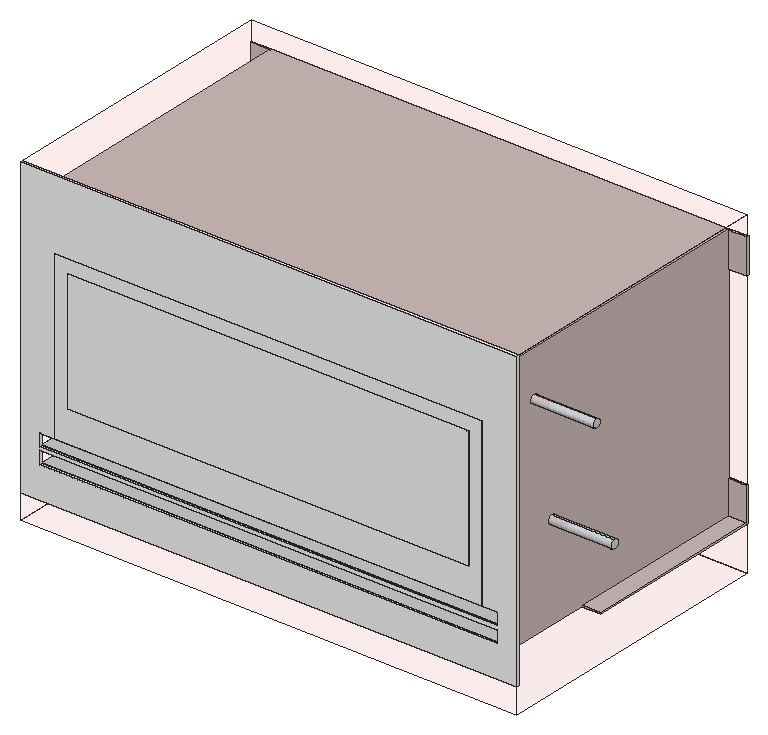
Revit family "Air-Curtain_Customer-Entry_PoweredAire_ECC-ST", category Mechanical Equipment, host Face, Revit 2018
Family settings
  Host = Face
  Round Connector Dimension = Use Diameter
  Part Type = Normal
  OmniClass Number = 23.75.35.17.21
  OmniClass Title = Air Curtains
  Cut with Voids When Loaded = No
  Shared = No
  Room Calculation Point = No
Parameters
  upperpiperotation [instance] = if(Upper Pipe Connection Side A, 0.00°, 180.00°)  # 0.00°
  lowerpiperotation [instance] = if(Lower Pipe Connection Side A, 0.00°, 180.00°)  # 0.00°
  locateupperpipe [instance] = if(Upper Pipe Connection Side A, 0' 0", Nozzle Width)  # 0' - 0"
  locatelowerpipe [instance] = if(Lower Pipe Connection Side A, 0' 0", Nozzle Width)  # 0' - 0"
  Warranty Duration (Years) = 0
  Upper Pipe Connection Side A [instance] = yes
  Unit Width Notes = "Other Widths available."  # constant formula
  Unit Width = 3' - 3"
  Unit Weight = 0
  Unit Height = 1' - 10 3/4"
  Unit Depth = 1' - 11 1/4"
  URL = "http://www.poweredaire.com/"
  Test Data = ""
  Standards Conformance = "as Specified"
  Specification = "http://www.arcat.com/sdspecs/htm04/23_34_33pai.htm"
  SpecWizard = ""
  Sound Pressure = "as Specified"
  Sales Information = "http://www.poweredaire.com/contact_us"
  Revision = "R1_2016-08"
  Projection from Host [instance] = 0' - 2"
  Product Properties = ""
  Product Data = "http://www.arcat.com/arcatcos/cos47/arc47623.html"
  Power Rating = 0 W
  Piping_Water Flow [instance] = 0 GPM
  Piping_Operating Pressure [instance] = 0.00 psi
  Piping_Exit Temperature [instance] = 0 °F
  Piping_Entry Temperature [instance] = 0 °F
  Pipe OD [instance] = 5/8"
  Nozzle Width = if(1 = 1, Unit Width - 0' 3", 0' 0")  # 3' - 0"
  Mounting Width = if(1 = 1, Unit Width - 0' 1 1/2", 0' 0")  # 3' - 1 1/2"
  Mounting Height [instance] = 3' - 6"
  Motor RPM = 0
  Motor HP = 0
  Motor Count = 0
  Model = "As Specified"
  Max Height = 0' - 0"
  Manufacturer Website = "http://www.poweredaire.com/"
  Manufacturer Phone - Toll Free = "888-321-2473"
  Manufacturer Phone = "724-588-3305"
  Manufacturer Fax = "724-588-3371"
  Manufacturer Address = "109 Mortensen Rd.  Greenville, PA 16125"
  Manufacturer = "Powered Aire, Inc"
  Maintenance Schedule (Months) = 0
  Lower Pipe Connection Side A [instance] = yes
  Keynote = "23 34 33"
  Installation-Fabrication = ""
  Installation Phase = ""
  Include Clearance [instance] = yes
  Heating Element Load = 0 W
  HVAC_Temperature Rise = 0 °F
  HVAC_Outlet Volume = 0 CFM
  HVAC_Outlet Velocity Uniformity = 0
  HVAC_Outlet Velocity = 0 FPM
  HVAC_BTU Input = 0.0 Btu/h
  Green Building-LEED = "http://www.arcat.com/green/clients/leed_data_47623.html"
  Front Grating Material [instance] = Metal - Steel - PoweredAire - White Perforated
  Frame Finish [instance] = Metal - Steel - PoweredAire - Stainless 304
  Expected Lifespan (Years) = 0
  Electrical_Wattage [instance] = Power Rating + Heating Element Load  # 0 W
  Electrical_Voltage [instance] = 0 V
  Electrical_Phase [instance] = 1
  Electrical_Frequency [instance] = 0 Hz
  Electrical_Amperage [instance] = 0 A
  Drawn By = "Sumex Design, Inc. / Robert S. Weygant, CSI, CDT, SCIP"
  Description = "Powered Aire Air Curtain as Specified"
  Default Elevation = 0' - 0"  # constant formula
  Cover Finish [instance] = Metal - Steel - PoweredAire - White
  Copyright = "©Arcat Inc."
  Construction Details = "http://www.arcat.com/details/powair/prod3336.html"
  Clearance_Top [instance] = 0' - 0"
  Clearance_Side B [instance] = 0' - 0"
  Clearance_Side A [instance] = 0' - 0"
  Clearance_Intake [instance] = 0' - 0"
  Clearance_Front [instance] = 0' - 0"
  Clearance Material [instance] = ARCAT Clearance
  Building Codes = ""
  Available Options [instance] = "as Specified"
  Assembly Code = "D3090400"
Reference planes (in)
  plane 1 "Center (Elevation)": y = 11.51318
  plane 2: z = 0
  plane 3 "Center (Left/Right)": x = 0
  plane 4: y = 22.88818
  plane 5: y = 0.13818
  plane 6: x = -19.5
  plane 7: x = 19.5
  plane 8: z = 25.25
  plane 9 "FF": y = -41.86182
  plane 10: z = 2
  plane 11: x = 18
  plane 12: x = -18
  plane 13: y = 22.88818
  plane 14: y = 0.13818
  plane 15: x = -19.5
  plane 16: x = 19.5
  plane 17: z = 25.25
  plane 18: y = 0.38818
  plane 19: x = 18
  plane 20: x = 18
  plane 21: z = 20.25
  plane 22: z = 11
Forms (in)
  Extrusion 1, solid, material "ARCAT Clearance" <- "Clearance Material", visible <- "Include Clearance"
    sketch origin (0, 0, 0) x (0, 1, 0) y (0, 0, 1)
      loop
        line (0.13818, 25.25) -> (0.13818, 0) -> (22.88818, 0) -> (22.88818, 25.25) -> (0.13818, 25.25)
    from -19.5 to 19.5
  Extrusion 2, solid, material "Metal - Steel - PoweredAire - White" <- "Cover Finish"
    sketch origin (0, 11.51318, 0) x (1, 0, 0) y (0, 0, 1)
      loop
        line (-19.5, 25.25) -> (-19.5, 2) -> (19.5, 2) -> (19.5, 25.25) -> (-19.5, 25.25)
    from 11.125 to 11.375
  Extrusion 3, solid, material "Metal - Steel - PoweredAire - Stainless 304" <- "Frame Finish"
    sketch origin (0, 11.51318, 0) x (1, 0, 0) y (0, 0, 1)
      loop
        line (18, 23.75) -> (-18, 23.75) -> (-18, 3.5) -> (18, 3.5) -> (18, 23.75)
    from -11.375 to 11.125
  Extrusion 4, void
    sketch origin (0, 0, 0) x (0, 1, 0) y (0, 0, 1)
      loop
        line (0.13818, 5.5) -> (0.13818, 4.5) -> (1.88818, 4.5) -> (1.88818, 6.75) -> (0.13818, 6.75) -> (0.13818, 5.75) -> (1.63818, 5.75) -> (1.63818, 5.5) -> (0.13818, 5.5)
    from -18 to 18
  Extrusion 5, solid, material "Metal - Steel - PoweredAire - White" <- "Cover Finish"
    sketch origin (-11.83813, 0.13818, 48) x (-1, 0, 0) y (0, 0, 1)
      loop
        line (4.91187, -41.25) -> (4.91187, -28.25) -> (-28.58813, -28.25) -> (-28.58813, -41.25) -> (4.91187, -41.25)
    from 0 to -0.03125
  Extrusion 6, solid, material "Metal - Steel - PoweredAire - White Perforated" <- "Front Grating Material"
    sketch origin (-11.83813, 0.10693, 48) x (1, 0, 0) y (0, 0, 1)
      loop
        line (-3.91187, -29.25) -> (-3.91187, -38.75) -> (27.58813, -38.75) -> (27.58813, -29.25) -> (-3.91187, -29.25)
    from 0 to 0.03125
  Extrusion 7, solid, material "Metal - Steel - PoweredAire - Stainless 304" <- "Frame Finish"
    sketch origin (-15.17702, -180, 2) x (-1, 0, 0) y (0, -1, 0)
      loop
        line (-33.17702, -202.88818) -> (-33.17702, -188.38818) -> (-34.67702, -188.38818) -> (-34.67702, -202.88818) -> (-33.17702, -202.88818)
      loop
        line (2.82298, -202.88818) -> (4.32298, -202.88818) -> (4.32298, -188.38818) -> (2.82298, -188.38818) -> (2.82298, -202.88818)
    from 1.5 to 1.625
  Extrusion 8, solid, material "Metal - Steel - PoweredAire - Stainless 304" <- "Frame Finish"
    sketch origin (-11.83813, 22.88818, 48) x (-1, 0, 0) y (0, 0, 1)
      loop
        line (7.66187, -44.5) -> (7.66187, -41.75) -> (6.16187, -41.75) -> (6.16187, -44.5) -> (7.66187, -44.5)
      loop
        line (-31.33813, -44.5) -> (-29.83813, -44.5) -> (-29.83813, -41.75) -> (-31.33813, -41.75) -> (-31.33813, -44.5)
      loop
        line (7.66187, -27) -> (7.66187, -24.25) -> (6.16187, -24.25) -> (6.16187, -27) -> (7.66187, -27)
      loop
        line (-31.33813, -27) -> (-29.83813, -27) -> (-29.83813, -24.25) -> (-31.33813, -24.25) -> (-31.33813, -27)
    from 0 to -0.125
  Sweep 9, solid
    path origin (18, 11.51318, 20.25) x (1, 0, 0) y (0, 0, 1)
      loop
        line (0, 0) -> (5, 0)
    profile origin (20.5, 11.51318, 20.25) x (0, 0, 1) y (0, -1, 0)
      loop
        circle (0, 7.875) r 0.3125
  Sweep 10, solid
    path origin (18, 11.51318, 11) x (1, 0, 0) y (0, 0, 1)
      loop
        line (0, 0) -> (5, 0)
    profile origin (20.5, 11.51318, 11) x (0, 0, 1) y (0, -1, 0)
      loop
        circle (0, 6.125) r 0.3125
Cuts and joins
  Extrusion 4 cuts Extrusion 1
  Extrusion 4 cuts Extrusion 2
  Extrusion 4 cuts Extrusion 3
Lines and regions (in)
  reference lines
    curve 1: line (18, 11.51318, 20.25) -> (25.75, 11.51318, 20.25)
    curve 2: line (18, 11.51318, 11) -> (26.25, 11.51318, 11)
Dimensions and locks (in)
  equal spacing: plane 4, plane 1 "Center (Elevation)", plane 5
  "Unit Height": plane 4 to plane 5
  equal spacing: plane 6, plane 3 "Center (Left/Right)", plane 7
  "Unit Width": plane 6 to plane 7
  "Mounting Height": plane 5 to plane 9 "FF"
  "Projection from Host": plane 10 to level
  "Unit Depth": plane 8 to plane 10
  locked: plane 6 to plane 12 at 1.5
  locked: plane 11 to plane 7 at 1.5
  "Clearance_Side A": plane 7 to plane 16
  "Clearance_Side B": plane 15 to plane 6
  "Clearance_Top": plane 13 to plane 4
  "Clearance_Intake": plane 5 to plane 14
  "Clearance_Front": plane 17 to plane 8
  locked: plane 8 to Extrusion 3 sketch curve at 1.5
  locked: Extrusion 3 sketch curve to plane 10 at 1.5
  locked: plane 7 to Extrusion 3 sketch curve at 1.5
  locked: Extrusion 3 sketch curve to plane 6 at 1.5
  locked: plane 18 to plane 5 at 0.25
  Extrusion 4 sketch curve to Extrusion 4 sketch curve to Extrusion 4 sketch curve to Extrusion 4 sketch curve to plane 10 = 0' - 1" locked, 0' - 0 1/4" locked, 0' - 1" locked, 0' - 2 1/2" locked
  Extrusion 5 sketch curve to Extrusion 5 sketch curve to plane 10 = 1' - 1" locked, 0' - 4 3/4" locked
  locked: plane 11 to Extrusion 5 sketch curve at 1.25
  locked: Extrusion 5 sketch curve to plane 12 at 1.25
  Extrusion 6 sketch curve to Extrusion 6 sketch curve to plane 10 = 0' - 9 1/2" locked, 0' - 7 1/4" locked
  locked: Extrusion 6 sketch curve to plane 12 at 2.25
  locked: plane 11 to Extrusion 6 sketch curve at 2.25
  locked: plane 4 to Extrusion 7 sketch curve at 14.5  (x2)
  Extrusion 8 sketch curve to Extrusion 8 sketch curve to Extrusion 8 sketch curve to Extrusion 8 sketch curve to plane 10 = 0' - 2 3/4" locked, 1' - 2 3/4" locked, 0' - 2 3/4" locked, 0' - 1 1/2" locked  (x2)
  "locatelowerpipe": plane 19 to plane 11
  "locateupperpipe": plane 20 to plane 11
  locked: plane 8 to plane 21 at 5
  locked: plane 22 to plane 10 at 9
  locked: curve 1 to Sweep 9 sketch curve at 5
  locked: curve 1 to Sweep 9 sketch curve
  locked: curve 2 to Sweep 10 sketch curve at 5
  locked: curve 2 to Sweep 10 sketch curve
  locked: plane 5 to Sweep 9 sketch curve at 3.5
  locked: plane 5 to Sweep 10 sketch curve at 5.25
  "lowerpiperotation": angle plane 21 to curve 1
  "upperpiperotation": angle plane 22 to curve 2
  aligned and locked: plane 2 to host face
  aligned and locked: level to host face
  aligned and locked: Extrusion 1 sketch curve to plane 17
  aligned and locked: plane 14 to Extrusion 1 sketch curve
  aligned and locked: level to Extrusion 1 sketch curve
  aligned and locked: Extrusion 1 sketch curve to plane 13
  aligned and locked: plane 16 to Extrusion 1
  aligned and locked: Extrusion 1 to plane 15
  aligned and locked: Extrusion 2 sketch curve to plane 8
  aligned and locked: plane 6 to Extrusion 2 sketch curve
  aligned and locked: Extrusion 2 sketch curve to plane 10
  aligned and locked: Extrusion 2 sketch curve to plane 7
  aligned and locked: Extrusion 3 to plane 4
  aligned and locked: Extrusion 3 to plane 18
  aligned and locked: Extrusion 2 to plane 18
  aligned and locked: Extrusion 2 to plane 5
  aligned and locked: plane 11 to Extrusion 4
  aligned and locked: Extrusion 4 to plane 12
  aligned and locked: Extrusion 7 sketch curve to plane 4  (x2)
  aligned and locked: plane 20 to curve 2
  aligned and locked: plane 22 to curve 2
  aligned and locked: plane 19 to curve 1
  aligned and locked: plane 21 to curve 1
Automatic sketch dimensions
  host sketch curve to host sketch curve = 8' - 0"  (x2)
  Extrusion 4 sketch curve to plane 5 = 0' - 0"  (x2)
  plane 18 to Extrusion 4 sketch curve = 0' - 1 1/4"
  Extrusion 4 sketch curve to Extrusion 4 sketch curve = 0' - 0 1/4"
  Extrusion 7 sketch curve to plane 7 = 0' - 0"
  Extrusion 7 sketch curve to plane 11 = 0' - 0"
  Extrusion 7 sketch curve to plane 12 = 0' - 0"
  Extrusion 7 sketch curve to plane 6 = 0' - 0"
  Extrusion 8 sketch curve to plane 7 = 0' - 0"  (x2)
  Extrusion 8 sketch curve to plane 11 = 0' - 0"  (x2)
  Extrusion 8 sketch curve to plane 12 = 0' - 0"  (x2)
  Extrusion 8 sketch curve to plane 6 = 0' - 0"  (x2)
  profile plane to Sweep 9 sketch curve = 0' - 0"
  profile plane to Sweep 10 sketch curve = 0' - 0"
  radius of Sweep 9 sketch curve = 0' - 0 5/16"
  radius of Sweep 10 sketch curve = 0' - 0 5/16"
Connectors (in)
  electrical at (-18, 6.38818, 9.625), driven by "Electrical_Voltage", driven by "Electrical_Phase"
    settings: on cut or joined group of Extrusion 3, Extrusion 4, index 1, voltage 0 V, apparent load 0 VA, apparent load phase1 0 VA, apparent load phase2 0 VA, apparent load phase3 0 VA, power factor 1, load classification "Other", number of poles 1, system type 31, power factor state 1, is connector primary yes, connector utility no, sub classification motor no, connector description ""
  piping at (23, 3.63818, 20.25), diameter 0.625, driven by "Pipe OD"
    settings: on Sweep 9, index 2, connector inside diameter 24", connector length 0' - 0", flow factor 0, pipe flow 0 GPM, pressure drop 0.00 psi, fitting loss kfactor 0, connector angle 0.00°, fixture units 0, engagement length 0' - 0", angle of deflection 0.00°, flow configuration 0, flow direction 0, fitting loss method 0, system type 29, joint type 0, gender type 0, connector reference index -1, connector utility 0, adjustable connector no, is connector primary no, connector description "Define Supply or Return and Location"
  piping at (23, 5.38818, 11), diameter 0.625, driven by "Pipe OD"
    settings: on Sweep 10, index 3, connector inside diameter 24", connector length 0' - 0", flow factor 0, pipe flow 0 GPM, pressure drop 0.00 psi, fitting loss kfactor 0, connector angle 0.00°, fixture units 0, engagement length 0' - 0", angle of deflection 0.00°, flow configuration 0, flow direction 0, fitting loss method 0, system type 29, joint type 0, gender type 0, connector reference index -1, connector utility 0, adjustable connector no, is connector primary yes, connector description "Define Supply or Return and Location"
